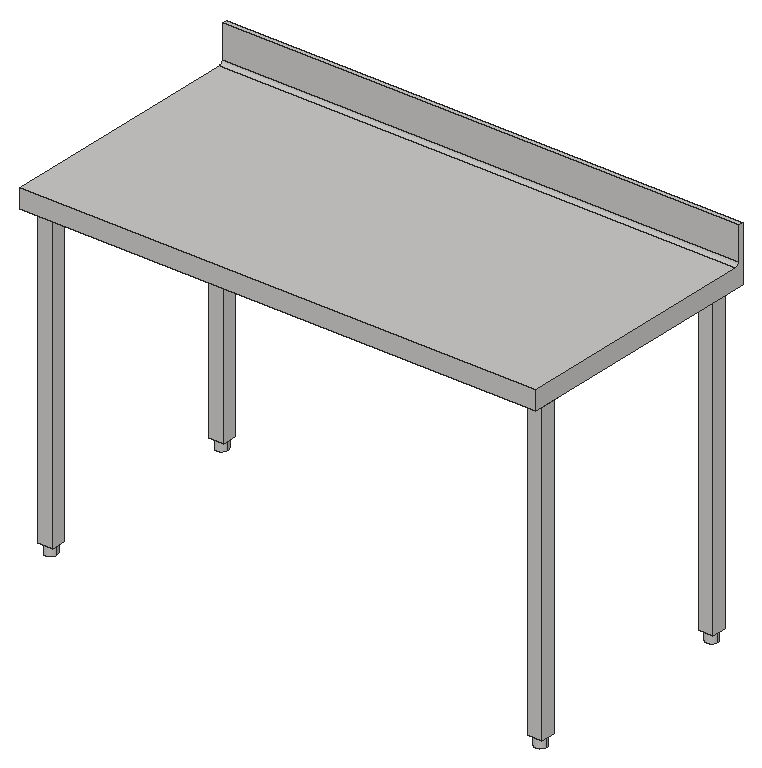
Revit family "QF_ELECTROLUXPROFESSIONAL_132847_WTD1417N", category Attrezzature speciali, Revit 2020
Family settings
  Quota connettore circolare = Usa diametro
  Tipo di parte = Normale
  Basato su piano di lavoro = No
  Sempre verticale = Sì
  Taglio con vuoti quando caricato = No
  Condiviso = No
  Punto di calcolo locali = No
Parameters (values of type "Standard")
  Weight = 47.00 kg
  Watts = 0 W
  Volts = 0 V
  URL Manufacturer = "https://www.electroluxprofessional.com/"
  URL = "https://www.electroluxprofessional.com/"
  Steam Supply Size = 0 mm
  Steam Supply Minimum Pressure = 0.0 Pa
  Steam Supply Maximum Pressure = 0.0 Pa
  Steam Consumption per Hour = 0
  Refrigeration Suction Line Size = 0.0 mm
  Refrigeration Liquid Line Size = 0.0 mm
  Refrigerant Compressor Remote = yes
  Prospetto di default = 0.0 mm
  Produttore = "Electrolux Professional"
  Phase = 0
  Modello = "WTD1417N"
  Length Actual = 1400.0 mm  # constant formula
  Item Number = "132847"
  Hot Water Size = 0 mm
  Height Actual = 900.0 mm  # constant formula
  HP = "0 HP"
  Gas Size = 0 mm
  Gas KW = 0
  Gas Input Pressure = 0 W
  Direct Waste Size = 0 mm
  Descrizione = "WORK TABLE+UPSTAND-DISASSEMBLED 1400MM"
  Depth Actual = 700.0 mm  # constant formula
  Cycle = 0 Hz
  Condensate Return Size = 0 mm
  Compressed Air Volume = 0.0 L/s
  Compressed Air Size = 0 mm
  Compressed Air Pressure = 0.0 Pa
  Cold Water Size = 0 mm
  Accessory = yes
Reference planes
  plane 1 "Center (Front/Back)": y = 0
  plane 2: z = 0
  plane 3 "Center (Left/Right)": x = -200
  plane 4 "LEFT": x = -900
  plane 5 "RIGHT": x = 500
  plane 6 "BACK": y = 350
  plane 7 "FRONT": y = -350
  plane 8 "Base": z = 850
  plane 9 "TOP": z = 900
  plane 10: x = -864.5
  plane 11: x = 464.5
  plane 12: y = 290
  plane 13: y = -290
Forms (mm)
  Extrusion 1, solid, material "QF_Finishes_Stainless Steel"
    sketch origin (-200, 0, 0) x (0, 1, 0) y (0, 0, 1)
      loop
        line (-350, 850) -> (350, 850) -> (350, 1000) -> (337, 1000) -> (337, 910)
        arc (337, 910) -> (334.071, 902.929) -> (327, 900) r 10
        line (327, 900) -> (-350, 900) -> (-350, 850)
    from 700 to -700
Lines and regions (mm)
  symbolic lines
    curve 1: line (500, 350, 900) -> (-900, 350, 900)
    curve 2: line (-900, 350, 900) -> (-900, -350, 900)
    curve 3: line (-900, -350, 900) -> (500, -350, 900)
    curve 4: line (500, -350, 900) -> (500, 350, 900)
    curve 5: line (500, 337, 900) -> (-900, 337, 900)
Dimensions and locks
  plane 4 "LEFT" to plane 5 "RIGHT" = 1400.0 mm
  equal spacing: plane 4 "LEFT", plane 3 "Center (Left/Right)", plane 5 "RIGHT"
  locked: plane 8 "Base" to level at 850
  plane 4 "LEFT" to plane 10 = 35.5 mm
  plane 11 to plane 5 "RIGHT" = 35.5 mm
  plane 10 to plane 11 = 1329.0 mm
  locked: Extrusion 1 to level at 1000
  plane 9 "TOP" to level = 900.0 mm
  plane 6 "BACK" to plane 12 = 60.0 mm
  plane 13 to plane 7 "FRONT" = 60.0 mm
  plane 6 "BACK" to plane 7 "FRONT" = 700.0 mm
  plane 12 to plane 13 = 580.0 mm
  equal spacing: plane 6 "BACK", plane 1 "Center (Front/Back)", plane 7 "FRONT"
  aligned and locked: level to plane 2
  aligned and locked: plane 10 to nested 1
  aligned and locked: nested 1 to plane 13
  aligned and locked: plane 11 to nested 2
  aligned and locked: nested 2 to plane 13
  aligned and locked: plane 11 to nested 4
  aligned and locked: nested 4 to plane 12
  aligned and locked: plane 10 to nested 3
  aligned and locked: nested 3 to plane 12
  aligned and locked: Extrusion 1 to plane 4 "LEFT"
  aligned and locked: plane 5 "RIGHT" to Extrusion 1
  aligned and locked: curve 2 to plane 4 "LEFT"
Automatic sketch dimensions
  Extrusion 1 sketch curve to plane 7 "FRONT" = 0.0 mm
  Extrusion 1 sketch curve to plane 9 "TOP" = 0.0 mm
  Extrusion 1 sketch curve to plane 6 "BACK" = 0.0 mm
  Extrusion 1 sketch curve to plane 8 "Base" = 0.0 mm
  plane 9 "TOP" to Extrusion 1 sketch curve = 10.0 mm
  Extrusion 1 sketch curve to plane 6 "BACK" = 13.0 mm
  Extrusion 1 sketch curve to Extrusion 1 sketch curve = 90.0 mm
  curve 3 to plane 7 "FRONT" = 0.0 mm
  curve 5 to plane 5 "RIGHT" = 0.0 mm
  curve 4 to plane 6 "BACK" = 0.0 mm
  curve 5 to plane 6 "BACK" = 13.0 mm
Nested families
  nested 1: "FEET_40x40" at (-864.5, -290, 0), type "FEET_40x40"
  nested 2: "FEET_40x40" at (464.5, -290, 0), type "FEET_40x40"
  nested 3: "FEET_40x40" at (-864.5, 290, 0), type "FEET_40x40"
  nested 4: "FEET_40x40" at (464.5, 290, 0), type "FEET_40x40"
Definition of nested family "FEET_40x40"
  Parameters
    Default Elevation = 0.0 mm
    FEET = 850.0 mm
  Reference planes
    plane 1 "Center (Front/Back)": y = 0
    plane 2: z = 0
    plane 3 "Center (Left/Right)": x = 0
    plane 4: z = 850
  Forms (mm)
    Extrusion 1, solid
      sketch origin (0, 0, 0) x (1, 0, 0) y (0, 1, 0)
        loop
          line (-20, -20) -> (20, -20) -> (20, 20) -> (-20, 20) -> (-20, -20)
      from 25 to 845
    Extrusion 2, solid
      sketch origin (0, 0, 0) x (1, 0, 0) y (0, 1, 0)
        loop
          circle (0, 0) r 16
      from 0 to 25
    Extrusion 3, solid
      sketch origin (0, 0, 0) x (1, 0, 0) y (0, 1, 0)
        loop
          line (30, 30) -> (-30, 30) -> (-30, -30) -> (30, -30) -> (30, 30)
      from 845 to 850
  Lines and regions (mm)
    symbolic lines
      curve 1: line (0, -1.503, 0) -> (0, 1.508, 0)
      curve 2: line (1.561, 0, 0) -> (-1.439, 0, 0)
  Dimensions and locks
    "FEET": plane 4 to plane 2
    aligned and locked: level to plane 2
  Automatic sketch dimensions
    Extrusion 1 sketch curve to plane 3 "Center (Left/Right)" = 20.0 mm
    plane 3 "Center (Left/Right)" to Extrusion 1 sketch curve = 20.0 mm
    plane 1 "Center (Front/Back)" to Extrusion 1 sketch curve = 20.0 mm
    Extrusion 1 sketch curve to plane 1 "Center (Front/Back)" = 20.0 mm
    plane 1 "Center (Front/Back)" to Extrusion 2 sketch curve = 0.0 mm
    Extrusion 2 sketch curve to plane 3 "Center (Left/Right)" = 0.0 mm
    plane 3 "Center (Left/Right)" to Extrusion 3 sketch curve = 30.0 mm
    Extrusion 3 sketch curve to plane 1 "Center (Front/Back)" = 30.0 mm
    Extrusion 3 sketch curve to plane 3 "Center (Left/Right)" = 30.0 mm
    plane 1 "Center (Front/Back)" to Extrusion 3 sketch curve = 30.0 mm
    plane 1 "Center (Front/Back)" to curve 2 = 0.0 mm
    curve 1 to plane 3 "Center (Left/Right)" = 0.0 mm
    curve 2 to plane 3 "Center (Left/Right)" = 1.439 mm
    plane 3 "Center (Left/Right)" to curve 2 = 1.561 mm
    plane 1 "Center (Front/Back)" to curve 1 = 1.503 mm
    curve 1 to plane 1 "Center (Front/Back)" = 1.508 mm
    radius of Extrusion 2 sketch curve = 16.0 mm
